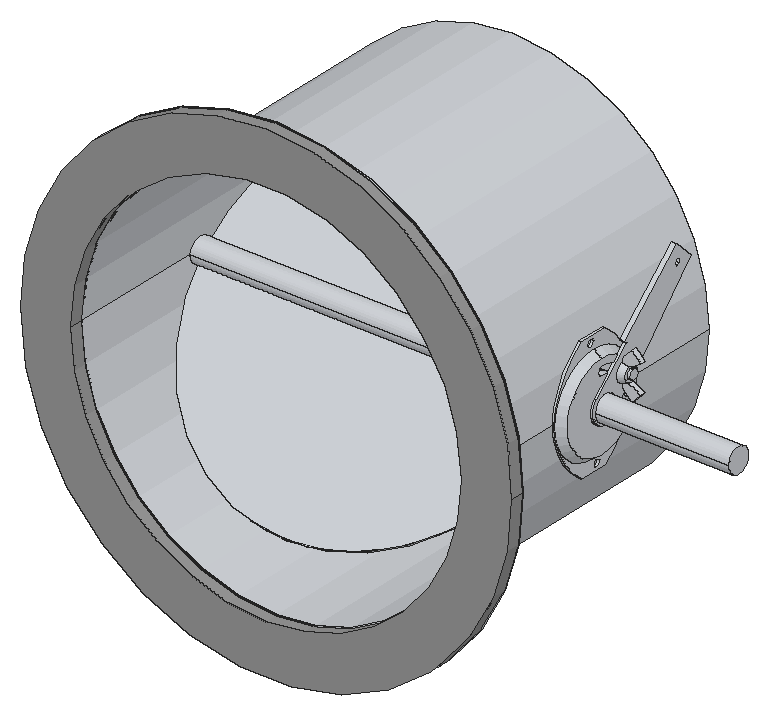
Revit family "ST-3", category Mechanical Equipment, Revit 2015
Parameters
  URL = "https://unitedenertech.com/catalog/pdf/J_7%20Model%20ST-1,%202,%203,%204.pdf"
  Type Comments = "Consult Factory for Max. Sizes"
  OD Radius [instance] = Diameter / 2  # 0' - 4"
  Model = "ST-3"
  Manufacturer = "United Enertech Corporation"
  ID Radius [instance] = OD Radius - 0' 0 1/32"  # 0' - 3 31/32"
  Flange Radius [instance] = OD Radius + 0' 1"  # 0' - 5"
  Description = "Sticktite Take-off with Damper"
  Diameter = 0' - 8"
  Blade Radius [instance] = ID Radius - 0' 0 1/8"  # 0' - 3 27/32"
  Length = 0' - 6"
Reference planes (in)
  plane 1 "Center (Front/Back)": y = 0
  plane 2: z = 0
  plane 3 "Center (Left/Right)": x = 0
  plane 4: x = -4
  plane 5: x = 4
  plane 6: x = -5
  plane 7: x = 5
  plane 8: x = -3.97
  plane 9: x = 3.97
  plane 10: x = -4.25
  plane 11: x = 7
  plane 12: y = -3
  plane 13: y = 3
  plane 14: y = -2.97
  plane 15: y = -3.25
Forms (in)
  Extrusion 1, solid
    sketch origin (0, -1.27212, 1.25797) x (1, 0, 0) y (0, 0.707107, 0.707107)
      loop
        circle (0, 0) r 3.84375
    from -1.79904 to -1.75904
  Extrusion 2, solid
    sketch origin (0, 0, 0) x (1, 0, 0) y (0, 0, 1)
      loop
        circle (0, 0) r 4
      loop
        circle (0, 0) r 3.96875
    from -3 to 2.97
  Extrusion 3, solid
    sketch origin (0, 0, 0) x (1, 0, 0) y (0, 0, 1)
      loop
        circle (0, 0) r 5
      loop
        circle (0, 0) r 3.96875
    from 2.97 to 3
  Extrusion 4, solid, material "Rubber, Silicone"
    sketch origin (0, 0, 0) x (1, 0, 0) y (0, 0, 1)
      loop
        circle (0, 0) r 5
      loop
        circle (0, 0) r 3.96875
    from 3 to 3.25
  Extrusion 5, solid
    sketch origin (0, 0, 0) x (0, 1, 0) y (0, 0, 1)
      loop
        circle (0, 0) r 0.25
    from -5 to 7
Dimensions and locks (in)
  equal spacing: plane 4, plane 3 "Center (Left/Right)", plane 5
  "Diameter": plane 4 to plane 5
  plane 6 to plane 4 = 0' - 1"
  plane 5 to plane 7 = 0' - 1"
  locked: plane 4 to plane 8 at 0.03
  locked: plane 9 to plane 5 at 0.03
  locked: plane 10 to plane 4 at 0.25
  locked: plane 5 to plane 11 at 3
  equal spacing: plane 13, plane 1 "Center (Front/Back)", plane 12
  "Length": plane 13 to plane 12
  locked: plane 14 to plane 12 at 0.03
  locked: plane 12 to plane 15 at 0.25
  "Blade Radius": radius of Extrusion 1 sketch curve
  "ID Radius": radius of Extrusion 2 sketch curve
  "OD Radius": radius of Extrusion 2 sketch curve
  "ID Radius": radius of Extrusion 3 sketch curve
  "Flange Radius": radius of Extrusion 3 sketch curve
  "ID Radius": radius of Extrusion 4 sketch curve
  "Flange Radius": radius of Extrusion 4 sketch curve
  aligned and locked: level to plane 2
  aligned and locked: nested 1 to plane 5
  aligned and locked: Extrusion 2 to plane 13
  aligned and locked: Extrusion 2 to plane 14
  aligned and locked: plane 14 to Extrusion 3
  aligned and locked: Extrusion 3 to plane 12
  aligned and locked: plane 12 to Extrusion 4
  aligned and locked: Extrusion 4 to plane 15
  aligned and locked: Extrusion 5 to plane 6
  aligned and locked: Extrusion 5 to plane 11
Automatic sketch dimensions
  Extrusion 5 sketch curve to level = 0' - 0"
  Extrusion 5 sketch curve to plane 1 "Center (Front/Back)" = 0' - 0"
  Extrusion 1 sketch curve to plane 3 "Center (Left/Right)" = 0' - 0"
  Extrusion 2 sketch curve to Extrusion 2 sketch curve = 0' - 0"  (x2)
  Extrusion 2 sketch curve to level = 0' - 0"
  Extrusion 2 sketch curve to plane 3 "Center (Left/Right)" = 0' - 0"
  Extrusion 3 sketch curve to Extrusion 3 sketch curve = 0' - 0"  (x2)
  Extrusion 3 sketch curve to level = 0' - 0"
  Extrusion 3 sketch curve to plane 3 "Center (Left/Right)" = 0' - 0"
  Extrusion 4 sketch curve to Extrusion 4 sketch curve = 0' - 0"  (x2)
  Extrusion 4 sketch curve to level = 0' - 0"
  Extrusion 4 sketch curve to plane 3 "Center (Left/Right)" = 0' - 0"
  radius of Extrusion 5 sketch curve = 0' - 0 1/4"
Nested families (in)
  nested 1: "Quad" at (5.25656, -7.64571, -5.45183) x (0, 1, 0) z (0, 0, 1), type "Quad"
Definition of nested family "Quad"
  Reference planes (in)
    plane 1 "Center (Front/Back)": y = 0
    plane 2: z = 0
    plane 3 "Center (Left/Right)": x = 0
    plane 4: y = 1.34656
  Forms (in)
    Extrusion 1, solid
      sketch origin (14.15142, 0, -2.31695) x (0, 0, 1) y (-1, 0, 0)
        loop
          arc (6.51879, 6.20544) -> (7.06849, 5.72098) -> (7.76879, 5.50544) r 1.74192
          arc (7.76879, 5.50544) -> (8.46908, 5.72098) -> (9.01879, 6.20544) r 1.74192
          line (9.01879, 6.20544) -> (9.01879, 6.80544)
          arc (9.01879, 6.80544) -> (8.46908, 7.28989) -> (7.76879, 7.50544) r 1.74192
          arc (7.76879, 7.50544) -> (7.06849, 7.28989) -> (6.51879, 6.80544) r 1.74192
          line (6.51879, 6.80544) -> (6.51879, 6.20544)
      from -1.25656 to -1.20656
    Extrusion 2, void
      sketch origin (14.15142, 0, -2.31695) x (0, 0, 1) y (-1, 0, 0)
        loop
          circle (6.64379, 6.42544) r 0.08
      from -0.9659 to -1.25656
    Extrusion 3, void
      sketch origin (1.14055, 0, 13.22062) x (0, 0, -1) y (1, 0, 0)
        loop
          circle (6.64379, 6.42544) r 0.08
      from -0.9659 to -1.25656
    Blend 4, solid
      base sketch origin (14.15142, 0, -2.31695) x (0, 0, 1) y (-1, 0, 0)
        loop
          circle (7.76879, 6.50544) r 0.875
      top sketch origin (14.15142, 0, -2.31695) x (0, 0, 1) y (-1, 0, 0)
        loop
          circle (7.76879, 6.50544) r 1
      from -1.03156 to -1.20656
    Extrusion 5, void
      sketch origin (14.15142, 0, -2.31695) x (0, 0, 1) y (-1, 0, 0)
        loop
          circle (7.76879, 6.50544) r 0.25
      from -0.81672 to -1.50902
    Extrusion 6, void
      sketch origin (14.15142, 0, -2.31695) x (0, 0, 1) y (-1, 0, 0)
        loop
          arc (7.76879, 5.94684) -> (7.67309, 5.85114) -> (7.76879, 5.75544) r 0.0957
          arc (7.76879, 5.75544) -> (8.29912, 5.9751) -> (8.51879, 6.50544) r 0.75
          arc (8.51879, 6.50544) -> (8.42309, 6.60114) -> (8.32738, 6.50544) r 0.0957
          arc (8.32738, 6.50544) -> (8.16377, 6.11045) -> (7.76879, 5.94684) r 0.55859
      from -1.25656 to -0.89427
    Extrusion 7, solid
      sketch origin (15.76748, 0.56263, 0.663) x (-0.707107, 0, 0.707107) y (-0.707107, 0, -0.707107)
        loop
          line (8.94958, -0.48196) -> (9.31458, -0.48196) -> (9.44425, 2.33115)
          arc (9.44425, 2.33115) -> (9.13208, 2.65804) -> (8.81992, 2.33115) r 0.3125
          line (8.81992, 2.33115) -> (8.94958, -0.48196)
        loop
          circle (9.13208, 2.34554) r 0.25
        loop
          circle (9.13208, 1.69047) r 0.107
        loop
          circle (9.13208, -0.25946) r 0.0625
      from -0.46893 to -0.40893
    Blend 8, solid
      base sketch origin (15.76748, 0.56263, 0.663) x (-0.707107, 0, 0.707107) y (-0.707107, 0, -0.707107)
        loop
          circle (9.13208, 2.34554) r 0.3125
      top sketch origin (15.76748, 0, 0.663) x (-0.707107, 0, 0.707107) y (-0.707107, 0, -0.707107)
        loop
          circle (9.13208, 2.34554) r 0.25
      from -0.46893 to -1.14456
    Blend 9, void
      base sketch origin (15.76748, 0.56263, 0.663) x (-0.707107, 0, 0.707107) y (-0.707107, 0, -0.707107)
        loop
          circle (9.13208, 2.34554) r 0.28943
      top sketch origin (15.76748, 0, 0.663) x (-0.707107, 0, 0.707107) y (-0.707107, 0, -0.707107)
        loop
          circle (9.13208, 2.35367) r 0.21872
      from -0.46893 to -1.12441
    Extrusion 10, void
      sketch origin (15.76748, 0.56263, 0.663) x (-0.707107, 0, 0.707107) y (-0.707107, 0, -0.707107)
        loop
          line (9.25708, 2.22054) -> (9.25708, 2.47054) -> (9.00708, 2.47054) -> (9.00708, 2.22054) -> (9.25708, 2.22054)
      from -0.61124 to -0.37858
    Extrusion 11, solid
      sketch origin (17.73753, 0, 4.56105) x (-0.707107, 0, 0.707107) y (-0.707107, 0, -0.707107)
        loop
          line (7.95129, 3.66741) -> (8.01129, 3.66741) -> (8.09367, 5.45474) -> (8.03367, 5.45474) -> (7.95129, 3.66741)
      from -1.07406 to -0.97156
    Extrusion 12, solid
      sketch origin (6.7508, 0, 15.54777) x (0.707107, 0, -0.707107) y (0.707107, 0, 0.707107)
        loop
          line (7.95129, -3.66741) -> (8.03367, -5.45474) -> (8.09367, -5.45474) -> (8.01129, -3.66741) -> (7.95129, -3.66741)
      from -1.07406 to -0.97156
    Blend 13, solid
      base sketch origin (11.29128, 0, 0.7964) x (0, 0, 1) y (-1, 0, 0)
        loop
          circle (5.12035, 3.18) r 0.19
      top sketch origin (11.29128, 0, 0.7964) x (0, 0, 1) y (-1, 0, 0)
        loop
          circle (5.12035, 3.18) r 0.15
      from -0.97156 to -0.81856
    Extrusion 14, void
      sketch origin (14.15142, 0, -2.31695) x (0, 0, 1) y (-1, 0, 0)
        loop
          circle (8.24197, 6.03664) r 0.107
      from -0.97156 to -0.7798
    Extrusion 15, solid
      sketch origin (14.15142, 0, -2.31695) x (0, 0, 1) y (-1, 0, 0)
        loop
          circle (8.24197, 6.03664) r 0.09231
      from -0.97156 to -0.75995
    Extrusion 16, solid
      sketch origin (14.15142, 0, -2.31695) x (0, 0, 1) y (0, 1, 0)
        loop
          arc (7.9487, 0.58056) -> (8.02609, 0.69395) -> (8.0837, 0.81856) r 0.82896
          line (8.0837, 0.81856) -> (8.0437, 0.97156)
          arc (8.0437, 0.97156) -> (7.89258, 0.88372) -> (7.7647, 0.76456) r 0.78317
          arc (7.7647, 0.76456) -> (7.84616, 0.66201) -> (7.9487, 0.58056) r 0.57513
      from 5.98664 to 6.08664
    Extrusion 17, solid
      sketch origin (14.15142, 0, 14.15045) x (0, 0, -1) y (0, -1, 0)
        loop
          arc (7.9487, -0.58056) -> (7.84616, -0.66201) -> (7.7647, -0.76456) r 0.57513
          arc (7.7647, -0.76456) -> (7.89258, -0.88372) -> (8.0437, -0.97156) r 0.78317
          line (8.0437, -0.97156) -> (8.0837, -0.81856)
          arc (8.0837, -0.81856) -> (8.02609, -0.69395) -> (7.9487, -0.58056) r 0.82896
      from 5.98664 to 6.08664
  Cuts and joins
    Extrusion 2, Extrusion 3, Extrusion 5, Extrusion 6 cuts Extrusion 1
    Extrusion 5, Extrusion 6 cuts Blend 4
    Blend 9, Extrusion 10 cuts Blend 8
    joined: Extrusion 7, Extrusion 11, Extrusion 12
    Extrusion 14 cuts Blend 13
  Dimensions and locks (in)
    aligned and locked: level to plane 2
